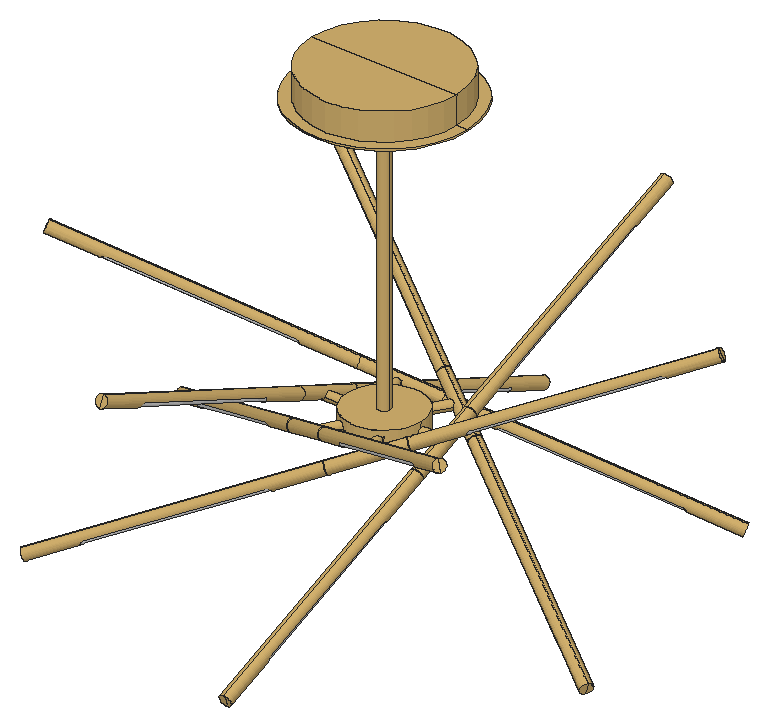
Revit family "3-803-XX PALILLO PENDANT", category Luminarias, Revit 2021
Family settings
  Anfitrión = Techo
  Cota de conector redondo = Diámetro de uso
  Tipo de pieza = Normal
  Número OmniClass = 23.80.70.11
  Título OmniClass = Luminaries for Internal Lighting
  Siempre vertical = Sí
  Corte con vacíos al cargar = No
  Origen de luz = Sí
  Compartido = No
  Punto de cálculo de habitación = No
Parameters (values of type "3-803-40 / Aged Brass - Matte White Acrylic")
  Elevación por defecto = 0"
  Comentarios de vataje = "6 x 8.5 W at 120 V"  # constant formula
  Wattage = 9.2903 W
  built-in parameter 1150110 = 1 (stored number, unit not read)
  Voltage Input = "120 V or 277 V - 50/60 Hz"  # constant formula
  Voltage = 120 V
  URL = "www.oxygenlighting.com"
  built-in parameter 1114217 = 1 (stored number, unit not read)
  built-in parameter 1150109 = 1 (stored number, unit not read)
  built-in parameter 1150134 = (empty or 0)
  built-in parameter 1150113 = 1 (stored number, unit not read)
  References = "Ref. 3 = 120 V / Ref. 37 = 277 V"  # constant formula
  Pendant height = 23"
  Modelo = "3-803-xx / Palillo Pendant"  # constant formula
  Metal Finish = 40 - Aged Brass
  Fabricante = "Oxygen Lighting and Fans"  # constant formula
  Lumens = 1380 lm
  built-in parameter 1150115 = 1 (stored number, unit not read)
  built-in parameter 1150105 = 109.82 (stored number, unit not read)
  Light Source Symbol Size = 24"
  built-in parameter 1150137 = (empty or 0)
  built-in parameter 1150139 = (empty or 0)
  built-in parameter 1150112 = 1 (stored number, unit not read)
  built-in parameter 1150114 = 1 (stored number, unit not read)
  Lámpara = "LED Array"  # constant formula
  built-in parameter 1150132 = 2
  built-in parameter 1150102 = (empty or 0)
  built-in parameter 1150138 = (empty or 0)
  built-in parameter 1150107 = 3000 (stored number, unit not read)
  built-in parameter 1150106 = 1.0982 (stored number, unit not read)
  built-in parameter 1150104 = 13.8 (stored number, unit not read)
  Dimming Lamp Color Temperature Shift = (empty or 0)
  Diffusers = Matte White Acrylic
  Color Filter = 16777215
  built-in parameter 1114218 = 1 (stored number, unit not read)
  built-in parameter 1150133 = 10 (stored number, unit not read)
Types (2): name | Metal Finish
  3-803-15 / Black - Matte White Acrylic | 15 - Black
  3-803-40 / Aged Brass - Matte White Acrylic | 40 - Aged Brass
Reference planes (in)
  plane 1 "Light Source Axis (F/B)": y = 0
  plane 2: z = 0
  plane 3 "Light Source Axis (L/R)": x = 0
  plane 4 "Ceiling": z = 157.48031
  plane 5 "Light Source Elevation": z = 134.48031
  plane 6: z = 140.93289
  plane 7: z = 155.90551
Forms (in)
  Revolve 1, solid, material "40 - Aged Brass" <- "Metal Finish"
    sketch origin (0, 0, 0) x (1, 0, 0) y (0, 0, 1)
      loop
        line (-0.31496, 155.59055) -> (-0.31496, 140.93289) -> (0, 140.93289) -> (0, 155.59055) -> (-0.31496, 155.59055)
      axis (0, 140.93289) -> (0, 155.59055)
    angle from 0 to 360
Dimensions and locks (in)
  equal spacing: host sketch curve, plane 3 "Light Source Axis (L/R)", host sketch curve
  equal spacing: host sketch curve, plane 1 "Light Source Axis (F/B)", host sketch curve
  host sketch curve to host sketch curve = 157.48031"  (x2)
  plane 4 "Ceiling" to host ceiling = 0"
  locked: plane 7 to plane 4 "Ceiling" at 1.5748
  "Pendant height": plane 5 "Light Source Elevation" to plane 4 "Ceiling"
  locked: plane 5 "Light Source Elevation" to plane 6 at 6.45258
  aligned and locked: plane 3 "Light Source Axis (L/R)" to imposter light
  aligned and locked: plane 1 "Light Source Axis (F/B)" to imposter light
  aligned and locked: plane 5 "Light Source Elevation" to imposter light
  aligned and locked: plane 3 "Light Source Axis (L/R)" to nested 1
  aligned and locked: plane 1 "Light Source Axis (F/B)" to nested 1
  aligned and locked: nested 1 to plane 4 "Ceiling"
  aligned and locked: Revolve 1 to nested 1
  aligned and locked: Revolve 1 to plane 6
  aligned and locked: plane 3 "Light Source Axis (L/R)" to nested 2
  aligned and locked: plane 1 "Light Source Axis (F/B)" to nested 2
  aligned and locked: plane 6 to nested 2
Automatic sketch dimensions
  Revolve 1 sketch curve to plane 3 "Light Source Axis (L/R)" = 0"  (x2)
  Revolve 1 sketch curve to Revolve 1 sketch curve = 0.31496"
  Revolve 1 sketch curve to plane 7 = 14.97262"
  Revolve 1 sketch curve to plane 7 = 0.31496"
  Revolve 1 sketch curve to level = 14.10347"
  Revolve 1 sketch curve to plane 4 "Ceiling" = 14.25924"
Nested families (in)
  nested 1: "Family5" at (0, 0, 157.48031), type "Family5"
  nested 2: "Family1" at (0, 0, 140.43289), type "Family1"
    with Lenght 32.2229"
Connectors (in)
  electrical at (0, 0, 157.48031), driven by "Voltage"
    settings: on nested 1, index 1, voltage 120 V, apparent load 0 VA, apparent load phase1 0 VA, apparent load phase2 0 VA, apparent load phase3 0 VA, power factor 1, load classification "Other", number of poles 1, system type 31, power factor state 1, is connector primary yes, connector utility no, sub classification motor no, connector description ""
Definition of nested family "Family5"
  Parameters (values of type "Family5")
    Metal Finish = none
    Default Elevation = 0"
  Reference planes (in)
    plane 1 "Center (Front/Back)": y = 0
    plane 2: z = 0
    plane 3 "Center (Left/Right)": x = 0
  Forms (in)
    Revolve 1, solid, material <- "Metal Finish"
      sketch origin (0, 0, -157.48031) x (1, 0, 0) y (0, 0, 1)
        loop
          line (0, 157.48031) -> (0, 155.90551) -> (0, 155.59055) -> (0.31496, 155.59055) -> (0.3937, 155.66929) -> (0.3937, 155.90551) -> (4.52756, 155.90551) -> (4.52756, 155.98425) -> (3.93701, 155.98425) -> (3.93701, 157.48031) -> (0, 157.48031)
        axis (0, 155.59055) -> (0, 157.48031)
      angle from 0 to 360
  Dimensions and locks (in)
    aligned and locked: level to plane 2
Definition of nested family "Family1"
  Parameters (values of type "Family1")
    Met = none
    Lenght [instance] = 32.2229"
    Default Elevation = 0"
    Diffuser = none
  Reference planes (in)
    plane 1 "Center (Front/Back)": y = 0
    plane 2: z = 0
    plane 3 "Center (Left/Right)": x = 0
  Forms (in)
    Revolve 1, solid, material <- "Met"
      sketch origin (-1.82037, -2.79801, 0) x (0.80181, -0.462925, 0.377889) y (-0.327262, 0.188945, 0.925851)
        loop
          line (-15.92056, 0) -> (-1.93822, 0) -> (-1.93822, 0.31496) -> (-15.92056, 0.31496) -> (-15.92056, 0)
        axis (-15.92056, 0) -> (-1.93822, 0)
      angle from 0 to 360
    Revolve 2, solid, material <- "Diffuser"
      sketch origin (-1.82037, -2.79801, 0) x (0.80181, -0.462925, 0.377889) y (-0.327262, 0.188945, 0.925851)
        loop
          line (-15.92056, 0) -> (-1.93822, 0) -> (-1.93822, 0.31496) -> (-15.92056, 0.31496) -> (-15.92056, 0)
        axis (-15.92056, 0) -> (-1.93822, 0)
      angle from 0 to 360
    Extrusion 3, void
      sketch origin (-1.82037, -2.79801, 0) x (0.80181, -0.462925, 0.377889) y (-0.327262, 0.188945, 0.925851)
        loop
          arc (-4.49727, -0.31496) -> (-4.57511, -0.12705) -> (-4.76302, -0.04921) r 0.26575
          line (-4.76302, -0.04921) -> (-13.09576, -0.04921)
          arc (-13.09576, -0.04921) -> (-13.28367, -0.12705) -> (-13.3615, -0.31496) r 0.26575
          line (-13.3615, -0.31496) -> (-4.49727, -0.31496)
      from -0.36407 to 0.35552
    Extrusion 4, void
      sketch origin (-1.82037, -2.79801, 0) x (0.80181, -0.462925, 0.377889) y (-0.327262, 0.188945, 0.925851)
        loop
          line (-13.09576, -0.04921) -> (-4.76302, -0.04921)
          arc (-4.76302, -0.04921) -> (-4.57511, -0.12705) -> (-4.49727, -0.31496) r 0.26575
          line (-4.49727, -0.31496) -> (-1.93822, -0.31496) -> (-1.93822, 0.31496) -> (-15.92056, 0.31496) -> (-15.92056, -0.31496) -> (-13.3615, -0.31496)
          arc (-13.3615, -0.31496) -> (-13.28367, -0.12705) -> (-13.09576, -0.04921) r 0.26575
      from -0.36407 to 0.35552
    Revolve 5, solid, material <- "Met"
      sketch origin (-1.82037, -2.79801, 0) x (-0.80181, 0.462925, -0.377889) y (0.327262, -0.188945, -0.925851)
        loop
          line (-16.32126, 0) -> (-16.32126, -0.31496) -> (-1.93822, -0.31496) -> (-1.93822, 0) -> (-16.32126, 0)
        axis (-16.32126, 0) -> (-1.93822, 0)
      angle from 0 to 360
    Revolve 6, solid, material <- "Diffuser"
      sketch origin (-1.82037, -2.79801, 0) x (-0.80181, 0.462925, -0.377889) y (0.327262, -0.188945, -0.925851)
        loop
          line (-16.32126, 0) -> (-16.32126, -0.31496) -> (-1.93822, -0.31496) -> (-1.93822, 0) -> (-16.32126, 0)
        axis (-16.32126, 0) -> (-1.93822, 0)
      angle from 0 to 360
    Extrusion 7, void
      sketch origin (-1.82037, -2.79801, 0) x (-0.80181, 0.462925, -0.377889) y (0.327262, -0.188945, -0.925851)
        loop
          line (-4.49727, 0.31496) -> (-13.7622, 0.31496)
          arc (-13.7622, 0.31496) -> (-13.68437, 0.12705) -> (-13.49645, 0.04921) r 0.26575
          line (-13.49645, 0.04921) -> (-4.76302, 0.04921)
          arc (-4.76302, 0.04921) -> (-4.57511, 0.12705) -> (-4.49727, 0.31496) r 0.26575
      from -0.36407 to 0.35552
    Extrusion 8, void
      sketch origin (-1.82037, -2.79801, 0) x (-0.80181, 0.462925, -0.377889) y (0.327262, -0.188945, -0.925851)
        loop
          arc (-13.49645, 0.04921) -> (-13.68437, 0.12705) -> (-13.7622, 0.31496) r 0.26575
          line (-13.7622, 0.31496) -> (-16.32126, 0.31496) -> (-16.32126, -0.31496) -> (-1.93822, -0.31496) -> (-1.93822, 0.31496) -> (-4.49727, 0.31496)
          arc (-4.49727, 0.31496) -> (-4.57511, 0.12705) -> (-4.76302, 0.04921) r 0.26575
          line (-4.76302, 0.04921) -> (-13.49645, 0.04921)
      from -0.36407 to 0.35552
    Revolve 9, solid, material <- "Met"
      sketch origin (-1.82037, -2.79801, 0) x (0.80181, -0.462925, 0.377889) y (-0.327262, 0.188945, 0.925851)
        loop
          line (1.93822, 0) -> (1.93822, 0.31496) -> (-1.93822, 0.31496) -> (-1.93822, 0) -> (1.93822, 0)
        axis (-1.93822, 0) -> (1.93822, 0)
      angle from 0 to 360
    Revolve 10, solid, material <- "Met"
      sketch origin (1.82037, 2.79801, 0) x (-0.80181, 0.462925, 0.377889) y (0.327262, -0.188945, 0.925851)
        loop
          line (-15.92056, 0) -> (-1.93822, 0) -> (-1.93822, 0.31496) -> (-15.92056, 0.31496) -> (-15.92056, 0)
        axis (-15.92056, 0) -> (-1.93822, 0)
      angle from 0 to 360
    Revolve 11, solid, material <- "Diffuser"
      sketch origin (1.82037, 2.79801, 0) x (-0.80181, 0.462925, 0.377889) y (0.327262, -0.188945, 0.925851)
        loop
          line (-15.92056, 0) -> (-1.93822, 0) -> (-1.93822, 0.31496) -> (-15.92056, 0.31496) -> (-15.92056, 0)
        axis (-15.92056, 0) -> (-1.93822, 0)
      angle from 0 to 360
    Extrusion 12, void
      sketch origin (1.82037, 2.79801, 0) x (-0.80181, 0.462925, 0.377889) y (0.327262, -0.188945, 0.925851)
        loop
          arc (-4.49727, -0.31496) -> (-4.57511, -0.12705) -> (-4.76302, -0.04921) r 0.26575
          line (-4.76302, -0.04921) -> (-13.09576, -0.04921)
          arc (-13.09576, -0.04921) -> (-13.28367, -0.12705) -> (-13.3615, -0.31496) r 0.26575
          line (-13.3615, -0.31496) -> (-4.49727, -0.31496)
      from -0.36407 to 0.35552
    Extrusion 13, void
      sketch origin (1.82037, 2.79801, 0) x (-0.80181, 0.462925, 0.377889) y (0.327262, -0.188945, 0.925851)
        loop
          line (-13.09576, -0.04921) -> (-4.76302, -0.04921)
          arc (-4.76302, -0.04921) -> (-4.57511, -0.12705) -> (-4.49727, -0.31496) r 0.26575
          line (-4.49727, -0.31496) -> (-1.93822, -0.31496) -> (-1.93822, 0.31496) -> (-15.92056, 0.31496) -> (-15.92056, -0.31496) -> (-13.3615, -0.31496)
          arc (-13.3615, -0.31496) -> (-13.28367, -0.12705) -> (-13.09576, -0.04921) r 0.26575
      from -0.36407 to 0.35552
    Revolve 14, solid, material <- "Met"
      sketch origin (1.82037, 2.79801, 0) x (0.80181, -0.462925, -0.377889) y (-0.327262, 0.188945, -0.925851)
        loop
          line (-16.32126, 0) -> (-16.32126, -0.31496) -> (-1.93822, -0.31496) -> (-1.93822, 0) -> (-16.32126, 0)
        axis (-16.32126, 0) -> (-1.93822, 0)
      angle from 0 to 360
    Revolve 15, solid, material <- "Diffuser"
      sketch origin (1.82037, 2.79801, 0) x (0.80181, -0.462925, -0.377889) y (-0.327262, 0.188945, -0.925851)
        loop
          line (-16.32126, 0) -> (-16.32126, -0.31496) -> (-1.93822, -0.31496) -> (-1.93822, 0) -> (-16.32126, 0)
        axis (-16.32126, 0) -> (-1.93822, 0)
      angle from 0 to 360
    Extrusion 16, void
      sketch origin (1.82037, 2.79801, 0) x (0.80181, -0.462925, -0.377889) y (-0.327262, 0.188945, -0.925851)
        loop
          line (-4.49727, 0.31496) -> (-13.7622, 0.31496)
          arc (-13.7622, 0.31496) -> (-13.68437, 0.12705) -> (-13.49645, 0.04921) r 0.26575
          line (-13.49645, 0.04921) -> (-4.76302, 0.04921)
          arc (-4.76302, 0.04921) -> (-4.57511, 0.12705) -> (-4.49727, 0.31496) r 0.26575
      from -0.36407 to 0.35552
    Extrusion 17, void
      sketch origin (1.82037, 2.79801, 0) x (0.80181, -0.462925, -0.377889) y (-0.327262, 0.188945, -0.925851)
        loop
          arc (-13.49645, 0.04921) -> (-13.68437, 0.12705) -> (-13.7622, 0.31496) r 0.26575
          line (-13.7622, 0.31496) -> (-16.32126, 0.31496) -> (-16.32126, -0.31496) -> (-1.93822, -0.31496) -> (-1.93822, 0.31496) -> (-4.49727, 0.31496)
          arc (-4.49727, 0.31496) -> (-4.57511, 0.12705) -> (-4.76302, 0.04921) r 0.26575
          line (-4.76302, 0.04921) -> (-13.49645, 0.04921)
      from -0.36407 to 0.35552
    Revolve 18, solid, material <- "Met"
      sketch origin (1.82037, 2.79801, 0) x (-0.80181, 0.462925, 0.377889) y (0.327262, -0.188945, 0.925851)
        loop
          line (1.93822, 0) -> (1.93822, 0.31496) -> (-1.93822, 0.31496) -> (-1.93822, 0) -> (1.93822, 0)
        axis (-1.93822, 0) -> (1.93822, 0)
      angle from 0 to 360
    Extrusion 19, solid, material <- "Met"
      sketch origin (0, 0, 0) x (1, 0, 0) y (0, 1, 0)
        loop
          circle (0, 0) r 2
      from -0.5 to 0.5
    Revolve 20, solid, material <- "Met"
      sketch origin (0, 0, 0) x (0, -1, 0) y (1, 0, 0)
        loop
          line (0, 3.25) -> (0, 1.67819) -> (0.25, 1.67819) -> (0.25, 3.25) -> (0, 3.25)
        axis (0, 1.67819) -> (0, 3.25)
      angle from 0 to 360
    Revolve 21, solid, material <- "Met"
      sketch origin (-1.51296, 2.97549, 0) x (-0.80181, -0.462925, 0.377889) y (0.327262, 0.188945, 0.925851)
        loop
          line (-15.92056, 0) -> (-1.93822, 0) -> (-1.93822, 0.31496) -> (-15.92056, 0.31496) -> (-15.92056, 0)
        axis (-15.92056, 0) -> (-1.93822, 0)
      angle from 0 to 360
    Revolve 22, solid, material <- "Diffuser"
      sketch origin (-1.51296, 2.97549, 0) x (-0.80181, -0.462925, 0.377889) y (0.327262, 0.188945, 0.925851)
        loop
          line (-15.92056, 0) -> (-1.93822, 0) -> (-1.93822, 0.31496) -> (-15.92056, 0.31496) -> (-15.92056, 0)
        axis (-15.92056, 0) -> (-1.93822, 0)
      angle from 0 to 360
    Extrusion 23, void
      sketch origin (-1.51296, 2.97549, 0) x (-0.80181, -0.462925, 0.377889) y (0.327262, 0.188945, 0.925851)
        loop
          arc (-4.49727, -0.31496) -> (-4.57511, -0.12705) -> (-4.76302, -0.04921) r 0.26575
          line (-4.76302, -0.04921) -> (-13.09576, -0.04921)
          arc (-13.09576, -0.04921) -> (-13.28367, -0.12705) -> (-13.3615, -0.31496) r 0.26575
          line (-13.3615, -0.31496) -> (-4.49727, -0.31496)
      from -0.36407 to 0.35552
    Extrusion 24, void
      sketch origin (-1.51296, 2.97549, 0) x (-0.80181, -0.462925, 0.377889) y (0.327262, 0.188945, 0.925851)
        loop
          line (-13.09576, -0.04921) -> (-4.76302, -0.04921)
          arc (-4.76302, -0.04921) -> (-4.57511, -0.12705) -> (-4.49727, -0.31496) r 0.26575
          line (-4.49727, -0.31496) -> (-1.93822, -0.31496) -> (-1.93822, 0.31496) -> (-15.92056, 0.31496) -> (-15.92056, -0.31496) -> (-13.3615, -0.31496)
          arc (-13.3615, -0.31496) -> (-13.28367, -0.12705) -> (-13.09576, -0.04921) r 0.26575
      from -0.36407 to 0.35552
    Revolve 25, solid, material <- "Met"
      sketch origin (-1.51296, 2.97549, 0) x (0.80181, 0.462925, -0.377889) y (-0.327262, -0.188945, -0.925851)
        loop
          line (-16.32126, 0) -> (-16.32126, -0.31496) -> (-1.93822, -0.31496) -> (-1.93822, 0) -> (-16.32126, 0)
        axis (-16.32126, 0) -> (-1.93822, 0)
      angle from 0 to 360
    Revolve 26, solid, material <- "Diffuser"
      sketch origin (-1.51296, 2.97549, 0) x (0.80181, 0.462925, -0.377889) y (-0.327262, -0.188945, -0.925851)
        loop
          line (-16.32126, 0) -> (-16.32126, -0.31496) -> (-1.93822, -0.31496) -> (-1.93822, 0) -> (-16.32126, 0)
        axis (-16.32126, 0) -> (-1.93822, 0)
      angle from 0 to 360
    Extrusion 27, void
      sketch origin (-1.51296, 2.97549, 0) x (0.80181, 0.462925, -0.377889) y (-0.327262, -0.188945, -0.925851)
        loop
          line (-4.49727, 0.31496) -> (-13.7622, 0.31496)
          arc (-13.7622, 0.31496) -> (-13.68437, 0.12705) -> (-13.49645, 0.04921) r 0.26575
          line (-13.49645, 0.04921) -> (-4.76302, 0.04921)
          arc (-4.76302, 0.04921) -> (-4.57511, 0.12705) -> (-4.49727, 0.31496) r 0.26575
      from -0.36407 to 0.35552
    Extrusion 28, void
      sketch origin (-1.51296, 2.97549, 0) x (0.80181, 0.462925, -0.377889) y (-0.327262, -0.188945, -0.925851)
        loop
          arc (-13.49645, 0.04921) -> (-13.68437, 0.12705) -> (-13.7622, 0.31496) r 0.26575
          line (-13.7622, 0.31496) -> (-16.32126, 0.31496) -> (-16.32126, -0.31496) -> (-1.93822, -0.31496) -> (-1.93822, 0.31496) -> (-4.49727, 0.31496)
          arc (-4.49727, 0.31496) -> (-4.57511, 0.12705) -> (-4.76302, 0.04921) r 0.26575
          line (-4.76302, 0.04921) -> (-13.49645, 0.04921)
      from -0.36407 to 0.35552
    Revolve 29, solid, material <- "Met"
      sketch origin (-1.51296, 2.97549, 0) x (-0.80181, -0.462925, 0.377889) y (0.327262, 0.188945, 0.925851)
        loop
          line (1.93822, 0) -> (1.93822, 0.31496) -> (-1.93822, 0.31496) -> (-1.93822, 0) -> (1.93822, 0)
        axis (-1.93822, 0) -> (1.93822, 0)
      angle from 0 to 360
    Revolve 30, solid, material <- "Met"
      sketch origin (1.51296, -2.97549, 0) x (0.80181, 0.462925, 0.377889) y (-0.327262, -0.188945, 0.925851)
        loop
          line (-15.92056, 0) -> (-1.93822, 0) -> (-1.93822, 0.31496) -> (-15.92056, 0.31496) -> (-15.92056, 0)
        axis (-15.92056, 0) -> (-1.93822, 0)
      angle from 0 to 360
    Revolve 31, solid, material <- "Diffuser"
      sketch origin (1.51296, -2.97549, 0) x (0.80181, 0.462925, 0.377889) y (-0.327262, -0.188945, 0.925851)
        loop
          line (-15.92056, 0) -> (-1.93822, 0) -> (-1.93822, 0.31496) -> (-15.92056, 0.31496) -> (-15.92056, 0)
        axis (-15.92056, 0) -> (-1.93822, 0)
      angle from 0 to 360
    Extrusion 32, void
      sketch origin (1.51296, -2.97549, 0) x (0.80181, 0.462925, 0.377889) y (-0.327262, -0.188945, 0.925851)
        loop
          arc (-4.49727, -0.31496) -> (-4.57511, -0.12705) -> (-4.76302, -0.04921) r 0.26575
          line (-4.76302, -0.04921) -> (-13.09576, -0.04921)
          arc (-13.09576, -0.04921) -> (-13.28367, -0.12705) -> (-13.3615, -0.31496) r 0.26575
          line (-13.3615, -0.31496) -> (-4.49727, -0.31496)
      from -0.36407 to 0.35552
    Extrusion 33, void
      sketch origin (1.51296, -2.97549, 0) x (0.80181, 0.462925, 0.377889) y (-0.327262, -0.188945, 0.925851)
        loop
          line (-13.09576, -0.04921) -> (-4.76302, -0.04921)
          arc (-4.76302, -0.04921) -> (-4.57511, -0.12705) -> (-4.49727, -0.31496) r 0.26575
          line (-4.49727, -0.31496) -> (-1.93822, -0.31496) -> (-1.93822, 0.31496) -> (-15.92056, 0.31496) -> (-15.92056, -0.31496) -> (-13.3615, -0.31496)
          arc (-13.3615, -0.31496) -> (-13.28367, -0.12705) -> (-13.09576, -0.04921) r 0.26575
      from -0.36407 to 0.35552
    Revolve 34, solid, material <- "Met"
      sketch origin (1.51296, -2.97549, 0) x (-0.80181, -0.462925, -0.377889) y (0.327262, 0.188945, -0.925851)
        loop
          line (-16.32126, 0) -> (-16.32126, -0.31496) -> (-1.93822, -0.31496) -> (-1.93822, 0) -> (-16.32126, 0)
        axis (-16.32126, 0) -> (-1.93822, 0)
      angle from 0 to 360
    Revolve 35, solid, material <- "Diffuser"
      sketch origin (1.51296, -2.97549, 0) x (-0.80181, -0.462925, -0.377889) y (0.327262, 0.188945, -0.925851)
        loop
          line (-16.32126, 0) -> (-16.32126, -0.31496) -> (-1.93822, -0.31496) -> (-1.93822, 0) -> (-16.32126, 0)
        axis (-16.32126, 0) -> (-1.93822, 0)
      angle from 0 to 360
    Extrusion 36, void
      sketch origin (1.51296, -2.97549, 0) x (-0.80181, -0.462925, -0.377889) y (0.327262, 0.188945, -0.925851)
        loop
          line (-4.49727, 0.31496) -> (-13.7622, 0.31496)
          arc (-13.7622, 0.31496) -> (-13.68437, 0.12705) -> (-13.49645, 0.04921) r 0.26575
          line (-13.49645, 0.04921) -> (-4.76302, 0.04921)
          arc (-4.76302, 0.04921) -> (-4.57511, 0.12705) -> (-4.49727, 0.31496) r 0.26575
      from -0.36407 to 0.35552
    Extrusion 37, void
      sketch origin (1.51296, -2.97549, 0) x (-0.80181, -0.462925, -0.377889) y (0.327262, 0.188945, -0.925851)
        loop
          arc (-13.49645, 0.04921) -> (-13.68437, 0.12705) -> (-13.7622, 0.31496) r 0.26575
          line (-13.7622, 0.31496) -> (-16.32126, 0.31496) -> (-16.32126, -0.31496) -> (-1.93822, -0.31496) -> (-1.93822, 0.31496) -> (-4.49727, 0.31496)
          arc (-4.49727, 0.31496) -> (-4.57511, 0.12705) -> (-4.76302, 0.04921) r 0.26575
          line (-4.76302, 0.04921) -> (-13.49645, 0.04921)
      from -0.36407 to 0.35552
    Revolve 38, solid, material <- "Met"
      sketch origin (1.51296, -2.97549, 0) x (0.80181, 0.462925, 0.377889) y (-0.327262, -0.188945, 0.925851)
        loop
          line (1.93822, 0) -> (1.93822, 0.31496) -> (-1.93822, 0.31496) -> (-1.93822, 0) -> (1.93822, 0)
        axis (-1.93822, 0) -> (1.93822, 0)
      angle from 0 to 360
    Revolve 39, solid, material <- "Met"
      sketch origin (-3.33333, 0.17748, 0) x (0, -0.925851, 0.377889) y (0, 0.377889, 0.925851)
        loop
          line (-15.92056, 0) -> (-1.93822, 0) -> (-1.93822, 0.31496) -> (-15.92056, 0.31496) -> (-15.92056, 0)
        axis (-15.92056, 0) -> (-1.93822, 0)
      angle from 0 to 360
    Revolve 40, solid, material <- "Diffuser"
      sketch origin (-3.33333, 0.17748, 0) x (0, -0.925851, 0.377889) y (0, 0.377889, 0.925851)
        loop
          line (-15.92056, 0) -> (-1.93822, 0) -> (-1.93822, 0.31496) -> (-15.92056, 0.31496) -> (-15.92056, 0)
        axis (-15.92056, 0) -> (-1.93822, 0)
      angle from 0 to 360
    Extrusion 41, void
      sketch origin (-3.33333, 0.17748, 0) x (0, -0.925851, 0.377889) y (0, 0.377889, 0.925851)
        loop
          arc (-4.49727, -0.31496) -> (-4.57511, -0.12705) -> (-4.76302, -0.04921) r 0.26575
          line (-4.76302, -0.04921) -> (-13.09576, -0.04921)
          arc (-13.09576, -0.04921) -> (-13.28367, -0.12705) -> (-13.3615, -0.31496) r 0.26575
          line (-13.3615, -0.31496) -> (-4.49727, -0.31496)
      from -0.36407 to 0.35552
    Extrusion 42, void
      sketch origin (-3.33333, 0.17748, 0) x (0, -0.925851, 0.377889) y (0, 0.377889, 0.925851)
        loop
          line (-13.09576, -0.04921) -> (-4.76302, -0.04921)
          arc (-4.76302, -0.04921) -> (-4.57511, -0.12705) -> (-4.49727, -0.31496) r 0.26575
          line (-4.49727, -0.31496) -> (-1.93822, -0.31496) -> (-1.93822, 0.31496) -> (-15.92056, 0.31496) -> (-15.92056, -0.31496) -> (-13.3615, -0.31496)
          arc (-13.3615, -0.31496) -> (-13.28367, -0.12705) -> (-13.09576, -0.04921) r 0.26575
      from -0.36407 to 0.35552
    Revolve 43, solid, material <- "Met"
      sketch origin (-3.33333, 0.17748, 0) x (0, 0.925851, -0.377889) y (0, -0.377889, -0.925851)
        loop
          line (-16.32126, 0) -> (-16.32126, -0.31496) -> (-1.93822, -0.31496) -> (-1.93822, 0) -> (-16.32126, 0)
        axis (-16.32126, 0) -> (-1.93822, 0)
      angle from 0 to 360
    Revolve 44, solid, material <- "Diffuser"
      sketch origin (-3.33333, 0.17748, 0) x (0, 0.925851, -0.377889) y (0, -0.377889, -0.925851)
        loop
          line (-16.32126, 0) -> (-16.32126, -0.31496) -> (-1.93822, -0.31496) -> (-1.93822, 0) -> (-16.32126, 0)
        axis (-16.32126, 0) -> (-1.93822, 0)
      angle from 0 to 360
    Extrusion 45, void
      sketch origin (-3.33333, 0.17748, 0) x (0, 0.925851, -0.377889) y (0, -0.377889, -0.925851)
        loop
          line (-4.49727, 0.31496) -> (-13.7622, 0.31496)
          arc (-13.7622, 0.31496) -> (-13.68437, 0.12705) -> (-13.49645, 0.04921) r 0.26575
          line (-13.49645, 0.04921) -> (-4.76302, 0.04921)
          arc (-4.76302, 0.04921) -> (-4.57511, 0.12705) -> (-4.49727, 0.31496) r 0.26575
      from -0.36407 to 0.35552
    Extrusion 46, void
      sketch origin (-3.33333, 0.17748, 0) x (0, 0.925851, -0.377889) y (0, -0.377889, -0.925851)
        loop
          arc (-13.49645, 0.04921) -> (-13.68437, 0.12705) -> (-13.7622, 0.31496) r 0.26575
          line (-13.7622, 0.31496) -> (-16.32126, 0.31496) -> (-16.32126, -0.31496) -> (-1.93822, -0.31496) -> (-1.93822, 0.31496) -> (-4.49727, 0.31496)
          arc (-4.49727, 0.31496) -> (-4.57511, 0.12705) -> (-4.76302, 0.04921) r 0.26575
          line (-4.76302, 0.04921) -> (-13.49645, 0.04921)
      from -0.36407 to 0.35552
    Revolve 47, solid, material <- "Met"
      sketch origin (-3.33333, 0.17748, 0) x (0, -0.925851, 0.377889) y (0, 0.377889, 0.925851)
        loop
          line (1.93822, 0) -> (1.93822, 0.31496) -> (-1.93822, 0.31496) -> (-1.93822, 0) -> (1.93822, 0)
        axis (-1.93822, 0) -> (1.93822, 0)
      angle from 0 to 360
    Revolve 48, solid, material <- "Met"
      sketch origin (3.33333, -0.17748, 0) x (0, 0.925851, 0.377889) y (0, -0.377889, 0.925851)
        loop
          line (-15.92056, 0) -> (-1.93822, 0) -> (-1.93822, 0.31496) -> (-15.92056, 0.31496) -> (-15.92056, 0)
        axis (-15.92056, 0) -> (-1.93822, 0)
      angle from 0 to 360
    Revolve 49, solid, material <- "Diffuser"
      sketch origin (3.33333, -0.17748, 0) x (0, 0.925851, 0.377889) y (0, -0.377889, 0.925851)
        loop
          line (-15.92056, 0) -> (-1.93822, 0) -> (-1.93822, 0.31496) -> (-15.92056, 0.31496) -> (-15.92056, 0)
        axis (-15.92056, 0) -> (-1.93822, 0)
      angle from 0 to 360
    Extrusion 50, void
      sketch origin (3.33333, -0.17748, 0) x (0, 0.925851, 0.377889) y (0, -0.377889, 0.925851)
        loop
          arc (-4.49727, -0.31496) -> (-4.57511, -0.12705) -> (-4.76302, -0.04921) r 0.26575
          line (-4.76302, -0.04921) -> (-13.09576, -0.04921)
          arc (-13.09576, -0.04921) -> (-13.28367, -0.12705) -> (-13.3615, -0.31496) r 0.26575
          line (-13.3615, -0.31496) -> (-4.49727, -0.31496)
      from -0.36407 to 0.35552
    Extrusion 51, void
      sketch origin (3.33333, -0.17748, 0) x (0, 0.925851, 0.377889) y (0, -0.377889, 0.925851)
        loop
          line (-13.09576, -0.04921) -> (-4.76302, -0.04921)
          arc (-4.76302, -0.04921) -> (-4.57511, -0.12705) -> (-4.49727, -0.31496) r 0.26575
          line (-4.49727, -0.31496) -> (-1.93822, -0.31496) -> (-1.93822, 0.31496) -> (-15.92056, 0.31496) -> (-15.92056, -0.31496) -> (-13.3615, -0.31496)
          arc (-13.3615, -0.31496) -> (-13.28367, -0.12705) -> (-13.09576, -0.04921) r 0.26575
      from -0.36407 to 0.35552
    Revolve 52, solid, material <- "Met"
      sketch origin (3.33333, -0.17748, 0) x (0, -0.925851, -0.377889) y (0, 0.377889, -0.925851)
        loop
          line (-16.32126, 0) -> (-16.32126, -0.31496) -> (-1.93822, -0.31496) -> (-1.93822, 0) -> (-16.32126, 0)
        axis (-16.32126, 0) -> (-1.93822, 0)
      angle from 0 to 360
    Revolve 53, solid, material <- "Diffuser"
      sketch origin (3.33333, -0.17748, 0) x (0, -0.925851, -0.377889) y (0, 0.377889, -0.925851)
        loop
          line (-16.32126, 0) -> (-16.32126, -0.31496) -> (-1.93822, -0.31496) -> (-1.93822, 0) -> (-16.32126, 0)
        axis (-16.32126, 0) -> (-1.93822, 0)
      angle from 0 to 360
    Extrusion 54, void
      sketch origin (3.33333, -0.17748, 0) x (0, -0.925851, -0.377889) y (0, 0.377889, -0.925851)
        loop
          line (-4.49727, 0.31496) -> (-13.7622, 0.31496)
          arc (-13.7622, 0.31496) -> (-13.68437, 0.12705) -> (-13.49645, 0.04921) r 0.26575
          line (-13.49645, 0.04921) -> (-4.76302, 0.04921)
          arc (-4.76302, 0.04921) -> (-4.57511, 0.12705) -> (-4.49727, 0.31496) r 0.26575
      from -0.36407 to 0.35552
    Extrusion 55, void
      sketch origin (3.33333, -0.17748, 0) x (0, -0.925851, -0.377889) y (0, 0.377889, -0.925851)
        loop
          arc (-13.49645, 0.04921) -> (-13.68437, 0.12705) -> (-13.7622, 0.31496) r 0.26575
          line (-13.7622, 0.31496) -> (-16.32126, 0.31496) -> (-16.32126, -0.31496) -> (-1.93822, -0.31496) -> (-1.93822, 0.31496) -> (-4.49727, 0.31496)
          arc (-4.49727, 0.31496) -> (-4.57511, 0.12705) -> (-4.76302, 0.04921) r 0.26575
          line (-4.76302, 0.04921) -> (-13.49645, 0.04921)
      from -0.36407 to 0.35552
    Revolve 56, solid, material <- "Met"
      sketch origin (3.33333, -0.17748, 0) x (0, 0.925851, 0.377889) y (0, -0.377889, 0.925851)
        loop
          line (1.93822, 0) -> (1.93822, 0.31496) -> (-1.93822, 0.31496) -> (-1.93822, 0) -> (1.93822, 0)
        axis (-1.93822, 0) -> (1.93822, 0)
      angle from 0 to 360
    Revolve 57, solid, material <- "Met"
      sketch origin (0, 0, 0) x (0.866025, -0.5, 0) y (0.5, 0.866025, 0)
        loop
          line (0, 3.25) -> (0, 1.67819) -> (0.25, 1.67819) -> (0.25, 3.25) -> (0, 3.25)
        axis (0, 1.67819) -> (0, 3.25)
      angle from 0 to 360
    Revolve 58, solid, material <- "Met"
      sketch origin (0, 0, 0) x (0.866025, 0.5, 0) y (-0.5, 0.866025, 0)
        loop
          line (0, 3.25) -> (0, 1.67819) -> (0.25, 1.67819) -> (0.25, 3.25) -> (0, 3.25)
        axis (0, 1.67819) -> (0, 3.25)
      angle from 0 to 360
    Revolve 59, solid, material <- "Met"
      sketch origin (0, 0, 0) x (0, 1, 0) y (-1, 0, 0)
        loop
          line (0, 3.25) -> (0, 1.67819) -> (0.25, 1.67819) -> (0.25, 3.25) -> (0, 3.25)
        axis (0, 1.67819) -> (0, 3.25)
      angle from 0 to 360
    Revolve 60, solid, material <- "Met"
      sketch origin (0, 0, 0) x (-0.866025, 0.5, 0) y (-0.5, -0.866025, 0)
        loop
          line (0, 3.25) -> (0, 1.67819) -> (0.25, 1.67819) -> (0.25, 3.25) -> (0, 3.25)
        axis (0, 1.67819) -> (0, 3.25)
      angle from 0 to 360
    Revolve 61, solid, material <- "Met"
      sketch origin (0, 0, 0) x (-0.866025, -0.5, 0) y (0.5, -0.866025, 0)
        loop
          line (0, 3.25) -> (0, 1.67819) -> (0.25, 1.67819) -> (0.25, 3.25) -> (0, 3.25)
        axis (0, 1.67819) -> (0, 3.25)
      angle from 0 to 360
    Revolve 62, solid, material <- "Met"
      sketch origin (0, 0, 0) x (1, 0, 0) y (0, 0, 1)
        loop
          line (0, -0.5) -> (0, -0.63422) -> (0.25, -0.63422) -> (0.25, -0.5) -> (0, -0.5)
        axis (0, -0.5) -> (0, -0.63422)
      angle from 0 to 360
  Cuts and joins
    Extrusion 3, Extrusion 23, Extrusion 24, Extrusion 41, Extrusion 42 cuts Revolve 1
    Extrusion 4, Extrusion 24, Extrusion 28, Extrusion 42, Extrusion 46 cuts Revolve 9
    Extrusion 7, Extrusion 27, Extrusion 28, Extrusion 45, Extrusion 46 cuts Revolve 5
    Extrusion 12, Extrusion 32, Extrusion 33, Extrusion 50, Extrusion 51 cuts Revolve 10
    Extrusion 13, Extrusion 33, Extrusion 37, Extrusion 51, Extrusion 55 cuts Revolve 18
    Extrusion 16, Extrusion 36, Extrusion 37, Extrusion 54, Extrusion 55 cuts Revolve 14
    Extrusion 17, Extrusion 36, Extrusion 37, Extrusion 54, Extrusion 55 cuts Revolve 15
    Extrusion 4, Extrusion 23, Extrusion 24, Extrusion 41, Extrusion 42 cuts Revolve 2
    Extrusion 13, Extrusion 32, Extrusion 33, Extrusion 50, Extrusion 51 cuts Revolve 11
    Extrusion 8, Extrusion 27, Extrusion 28, Extrusion 45, Extrusion 46 cuts Revolve 6
    Extrusion 23 cuts Revolve 21
    Extrusion 24 cuts Revolve 29
    Extrusion 27 cuts Revolve 25
    Extrusion 32 cuts Revolve 30
    Extrusion 33 cuts Revolve 38
    Extrusion 36 cuts Revolve 34
    Extrusion 41 cuts Revolve 39
    Extrusion 42 cuts Revolve 47
    Extrusion 45 cuts Revolve 43
    Extrusion 50 cuts Revolve 48
    Extrusion 51 cuts Revolve 56
    Extrusion 54 cuts Revolve 52
    Extrusion 42 cuts Revolve 40
    Extrusion 33 cuts Revolve 31
    Extrusion 28 cuts Revolve 26
    Extrusion 51 cuts Revolve 49
    Extrusion 46 cuts Revolve 44
    Extrusion 37 cuts Revolve 35
    Extrusion 55 cuts Revolve 53
    Extrusion 24 cuts Revolve 22
  Dimensions and locks (in)
    aligned and locked: level to plane 2
